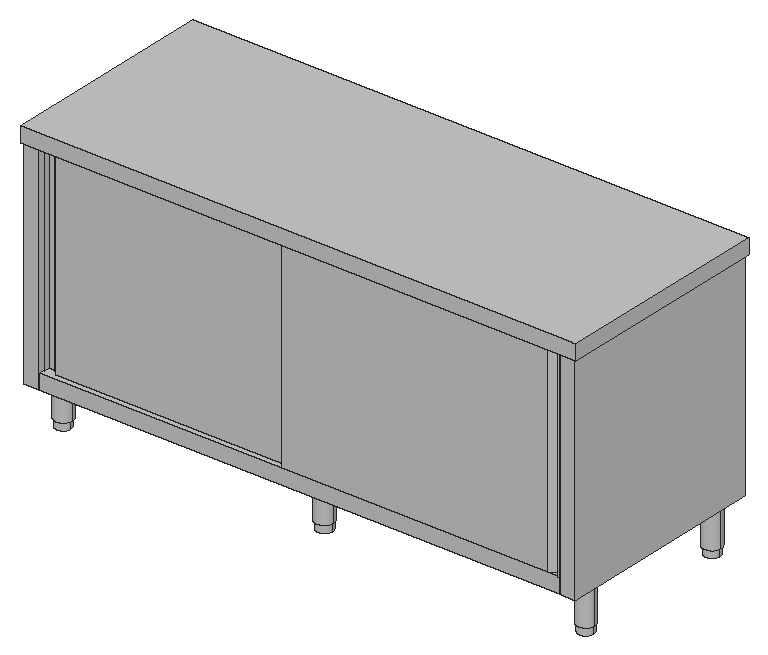
Revit family "QF_ELECTROLUXPROFESSIONAL_133077_TN1800EN", category Attrezzature speciali, Revit 2020
Family settings
  Quota connettore circolare = Usa diametro
  Tipo di parte = Normale
  Basato su piano di lavoro = No
  Sempre verticale = Sì
  Taglio con vuoti quando caricato = No
  Condiviso = No
  Punto di calcolo locali = No
Parameters (values of type "Standard")
  Weight = 70.00 kg
  Watts = 0 W
  Volts = 0 V
  URL Manufacturer = "https://www.electroluxprofessional.com/"
  URL = "https://www.electroluxprofessional.com/"
  Steam Supply Size = 0 mm
  Steam Supply Minimum Pressure = 0.0 Pa
  Steam Supply Maximum Pressure = 0.0 Pa
  Steam Consumption per Hour = 0
  Refrigeration Suction Line Size = 0.0 mm
  Refrigeration Liquid Line Size = 0.0 mm
  Refrigerant Compressor Remote = yes
  Prospetto di default = 0.0 mm
  Produttore = "Electrolux Professional"
  Phase = 0
  Modello = "TN1800EN"
  Length Actual = 1800.0 mm  # constant formula
  Item Number = "133077"
  Hot Water Size = 0 mm
  Height Actual = 900.0 mm  # constant formula
  HP = "0 HP"
  Gas Size = 0 mm
  Gas KW = 0
  Gas Input Pressure = 0 W
  Direct Waste Size = 0 mm
  Descrizione = "WORKTOP CUPBOARD 1800 MM"
  Depth Actual = 700.0 mm  # constant formula
  Cycle = 0 Hz
  Condensate Return Size = 0 mm
  Compressed Air Volume = 0.0 L/s
  Compressed Air Size = 0 mm
  Compressed Air Pressure = 0.0 Pa
  Cold Water Size = 0 mm
  Accessory = yes
Reference planes
  plane 1 "Center (Front/Back)": y = 0
  plane 2: z = 0
  plane 3 "Center (Left/Right)": x = -400
  plane 4 "LEFT": x = -1300
  plane 5 "RIGHT": x = 500
  plane 6 "BACK": y = 350
  plane 7 "FRONT": y = -350
  plane 8 "Base": z = 850
  plane 9 "TOP": z = 900
  plane 10: x = -1246.9
  plane 11: x = 446.9
  plane 12: y = 270
  plane 13: y = -241.9
  plane 14 "BodyLeft": x = -1294.5
  plane 15 "BodyFront": y = -344.5
  plane 16 "BodyRight": x = 494.5
  plane 17 "BodyBack": y = 344.5
  plane 18 "FEET": z = 150
  plane 19: x = -344.5
  plane 20: x = -455.5
Forms (mm)
  Extrusion 1, solid, material "QF_Finishes_Stainless Steel"
    sketch origin (-400, 0, 0) x (0, 1, 0) y (0, 0, 1)
      loop
        line (-350, 850) -> (350, 850) -> (350, 900) -> (-350, 900) -> (-350, 850)
    from 900 to -900
  Extrusion 2, solid, material "QF_Finishes_Stainless Steel"
    sketch origin (0, 0, 150) x (-1, 0, 0) y (0, -1, 0)
      loop
        line (1294.5, -344.5) -> (1294.5, 344.5) -> (1244.5, 344.5) -> (1244.5, -344.5) -> (1294.5, -344.5)
      loop
        line (-444.5, -344.5) -> (-444.5, 344.5) -> (-494.5, 344.5) -> (-494.5, -344.5) -> (-444.5, -344.5)
    from 0 to 700
  Extrusion 3, solid, material "QF_Finishes_Stainless Steel"
    sketch origin (0, 0, 150) x (-1, 0, 0) y (0, -1, 0)
      loop
        line (1243.585, -344.5) -> (1243.585, 344.5) -> (-444.5, 344.5) -> (-444.5, -344.5) -> (1243.585, -344.5)
    from 0 to 50
  Extrusion 4, solid, material "QF_Finishes_Stainless Steel"
    sketch origin (0, 0, 150) x (-1, 0, 0) y (0, -1, 0)
      loop
        line (1243.585, -344.5) -> (1243.585, -294.5) -> (-444.5, -294.5) -> (-444.5, -344.5) -> (1243.585, -344.5)
    from 50 to 700
  Extrusion 5, solid, material "QF_Finishes_Stainless Steel"
    sketch origin (0, 0, 150) x (-1, 0, 0) y (0, -1, 0)
      loop
        line (-444.5, 344.5) -> (-444.5, 324.5) -> (455.5, 324.5) -> (455.5, 344.5) -> (-404.5, 344.5) -> (-424.5, 329.5) -> (-439.5, 329.5) -> (-439.5, 344.5) -> (-444.5, 344.5)
    from 50 to 700
  Extrusion 6, solid, material "QF_Finishes_Stainless Steel"
    sketch origin (0, 20, 150) x (1, 0, 0) y (0, 1, 0)
      loop
        line (-1244.5, -344.5) -> (-1239.5, -344.5) -> (-1239.5, -329.5) -> (-1224.5, -329.5) -> (-1204.5, -344.5) -> (-344.5, -344.5) -> (-344.5, -324.5) -> (-1244.5, -324.5) -> (-1244.5, -344.5)
    from 50 to 700
Lines and regions (mm)
  symbolic lines
    curve 1: line (500, 350, 900) -> (-1300, 350, 900)
    curve 2: line (-1300, 350, 900) -> (-1300, -350, 900)
    curve 3: line (-1300, -350, 900) -> (500, -350, 900)
    curve 4: line (500, -350, 900) -> (500, 350, 900)
  symbolic lines, style "SpecialityEquipmentHiddenLines"
    curve 5: line (-1294.5, 344.5, 150) -> (494.5, 344.5, 150)
    curve 6: line (-1294.5, -344.5, 150) -> (-1294.5, 344.5, 150)
    curve 7: line (494.5, -344.5, 150) -> (-1294.5, -344.5, 150)
    curve 8: line (494.5, 344.5, 150) -> (494.5, -344.5, 150)
    curve 9: line (-1244.5, -304.5, 150) -> (-344.5, -304.5, 150)
    curve 10: line (-344.5, -304.5, 150) -> (-344.5, -324.5, 150)
    curve 11: line (-1244.5, -324.5, 150) -> (444.5, -324.5, 150)
    curve 12: line (444.5, -324.5, 150) -> (444.5, -344.5, 150)
    curve 13: line (-455.5, -324.5, 150) -> (-455.5, -344.5, 150)
    curve 14: line (-1244.5, -304.5, 150) -> (-1244.5, -324.5, 150)
Dimensions and locks
  plane 4 "LEFT" to plane 5 "RIGHT" = 1800.0 mm
  equal spacing: plane 4 "LEFT", plane 3 "Center (Left/Right)", plane 5 "RIGHT"
  locked: plane 8 "Base" to level at 850
  plane 9 "TOP" to level = 900.0 mm
  plane 6 "BACK" to plane 7 "FRONT" = 700.0 mm
  equal spacing: plane 6 "BACK", plane 1 "Center (Front/Back)", plane 7 "FRONT"
  locked: plane 4 "LEFT" to plane 14 "BodyLeft" at 5.5
  locked: plane 16 "BodyRight" to plane 5 "RIGHT" at 5.5
  locked: plane 15 "BodyFront" to plane 7 "FRONT" at 5.5
  locked: plane 6 "BACK" to plane 17 "BodyBack" at 5.5
  locked: plane 14 "BodyLeft" to plane 10 at 47.6
  locked: plane 11 to plane 16 "BodyRight" at 47.6
  locked: plane 13 to plane 15 "BodyFront" at 102.6
  locked: plane 17 "BodyBack" to plane 12 at 74.5
  plane 10 to plane 11 = 1693.8 mm
  plane 12 to plane 13 = 511.9 mm
  locked: plane 14 "BodyLeft" to Extrusion 2 sketch curve at 50
  locked: Extrusion 2 sketch curve to Extrusion 2 sketch curve at 50
  Extrusion 3 to Extrusion 4 sketch curve = 50.0 mm
  Extrusion 2 to plane 19 = 900.0 mm
  plane 20 to Extrusion 2 = 900.0 mm
  locked: plane 18 "FEET" to level at 150
  aligned and locked: level to plane 2
  aligned and locked: plane 10 to nested 1
  aligned and locked: nested 1 to plane 13
  aligned and locked: plane 11 to nested 2
  aligned and locked: nested 2 to plane 13
  aligned and locked: plane 11 to nested 4
  aligned and locked: nested 4 to plane 12
  aligned and locked: plane 10 to nested 3
  aligned and locked: nested 3 to plane 12
  aligned and locked: Extrusion 1 to plane 4 "LEFT"
  aligned and locked: plane 5 "RIGHT" to Extrusion 1
  aligned and locked: curve 2 to plane 4 "LEFT"
  aligned and locked: plane 17 "BodyBack" to Extrusion 2 sketch curve
  aligned and locked: Extrusion 2 sketch curve to plane 15 "BodyFront"
  aligned and locked: Extrusion 2 sketch curve to plane 14 "BodyLeft"
  aligned and locked: plane 16 "BodyRight" to Extrusion 2 sketch curve
  aligned and locked: Extrusion 2 sketch curve to plane 17 "BodyBack"
  aligned and locked: plane 15 "BodyFront" to Extrusion 2 sketch curve
  aligned and locked: Extrusion 3 sketch curve to plane 17 "BodyBack"
  aligned and locked: plane 15 "BodyFront" to Extrusion 3 sketch curve
  aligned and locked: plane 8 "Base" to Extrusion 2
  aligned and locked: Extrusion 4 sketch curve to Extrusion 3
  aligned and locked: plane 8 "Base" to Extrusion 5
  aligned and locked: Extrusion 5 to Extrusion 3
  aligned and locked: Extrusion 6 sketch curve to plane 19
  aligned and locked: Extrusion 5 sketch curve to plane 20
  aligned and locked: Extrusion 1 to plane 8 "Base"
  aligned and locked: plane 9 "TOP" to Extrusion 1
  aligned and locked: curve 5 to plane 17 "BodyBack"
  aligned and locked: plane 14 "BodyLeft" to curve 6
  aligned and locked: plane 15 "BodyFront" to curve 7
  aligned and locked: plane 16 "BodyRight" to curve 8
  aligned and locked: plane 3 "Center (Left/Right)" to nested 5
  aligned and locked: plane 3 "Center (Left/Right)" to nested 6
Automatic sketch dimensions
  curve 3 to plane 7 "FRONT" = 0.0 mm
  curve 4 to plane 6 "BACK" = 0.0 mm
  Extrusion 1 sketch curve to plane 7 "FRONT" = 0.0 mm
  plane 9 "TOP" to Extrusion 1 sketch curve = 0.0 mm
  Extrusion 1 sketch curve to plane 6 "BACK" = 0.0 mm
  Extrusion 1 sketch curve to plane 8 "Base" = 0.0 mm
  Extrusion 5 sketch curve to plane 15 "BodyFront" = 0.0 mm  (x2)
  Extrusion 5 sketch curve to plane 11 = 2.4 mm
  Extrusion 5 sketch curve to Extrusion 5 sketch curve = 5.0 mm
  Extrusion 5 sketch curve to Extrusion 5 sketch curve = 15.0 mm
  Extrusion 5 sketch curve to Extrusion 5 sketch curve = 20.0 mm
  plane 15 "BodyFront" to Extrusion 5 sketch curve = 15.0 mm
  plane 15 "BodyFront" to Extrusion 5 sketch curve = 20.0 mm
  Extrusion 6 sketch curve to plane 15 "BodyFront" = 20.0 mm  (x2)
  Extrusion 6 sketch curve to plane 10 = 2.4 mm
  Extrusion 6 sketch curve to Extrusion 6 sketch curve = 5.0 mm
  Extrusion 6 sketch curve to Extrusion 6 sketch curve = 15.0 mm
  Extrusion 6 sketch curve to Extrusion 6 sketch curve = 20.0 mm  (x2)
  Extrusion 6 sketch curve to plane 15 "BodyFront" = 35.0 mm
  Extrusion 3 sketch curve to plane 11 = 2.4 mm
  plane 10 to Extrusion 3 sketch curve = 3.315 mm
  Extrusion 4 sketch curve to plane 11 = 2.4 mm
  plane 10 to Extrusion 4 sketch curve = 3.315 mm
  curve 10 to plane 19 = 0.0 mm
  curve 13 to plane 20 = 0.0 mm
  curve 11 to plane 11 = 2.4 mm
  plane 15 "BodyFront" to curve 9 = 40.0 mm
  curve 12 to curve 12 = 20.0 mm
  plane 10 to curve 14 = 2.4 mm
  curve 4 to plane 5 "RIGHT" = 0.0 mm
Nested families
  nested 1: "FEET_D58-150" at (-1246.9, -241.9, 0), type "FEET_D58-150"
  nested 2: "FEET_D58-150" at (446.9, -241.9, 0), type "FEET_D58-150"
  nested 3: "FEET_D58-150" at (-1246.9, 270, 0), type "FEET_D58-150"
  nested 4: "FEET_D58-150" at (446.9, 270, 0), type "FEET_D58-150"
  nested 5: "FEET_D58-150" at (-400, -241.9, 0), type "FEET_D58-150"
  nested 6: "FEET_D58-150" at (-400, 270, 0), type "FEET_D58-150"
Definition of nested family "FEET_D58-150"
  Parameters
    Default Elevation = 0.0 mm
    FEET = 150.0 mm
  Reference planes
    plane 1 "Center (Front/Back)": y = 0
    plane 2: z = 0
    plane 3 "Center (Left/Right)": x = 0
    plane 4: z = 150
  Forms (mm)
    Extrusion 1, solid
      sketch origin (0, 0, 0) x (1, 0, 0) y (0, 1, 0)
        loop
          circle (0, 0) r 25
      from 0 to 25
    Extrusion 2, solid
      sketch origin (0, 0, 0) x (1, 0, 0) y (0, 1, 0)
        loop
          circle (0.061, 0) r 29
      from 25 to 150 <- "FEET"
  Lines and regions (mm)
    symbolic lines
      curve 1: line (0, -1.503, 0) -> (0, 1.508, 0)
      curve 2: line (1.561, 0, 0) -> (-1.439, 0, 0)
  Dimensions and locks
    "FEET": plane 4 to plane 2
    aligned and locked: level to plane 2
  Automatic sketch dimensions
    plane 1 "Center (Front/Back)" to Extrusion 1 sketch curve = 0.0 mm
    Extrusion 1 sketch curve to plane 3 "Center (Left/Right)" = 0.0 mm
    plane 1 "Center (Front/Back)" to curve 2 = 0.0 mm
    curve 1 to plane 3 "Center (Left/Right)" = 0.0 mm
    curve 2 to plane 3 "Center (Left/Right)" = 1.439 mm
    plane 3 "Center (Left/Right)" to curve 2 = 1.561 mm
    plane 1 "Center (Front/Back)" to curve 1 = 1.503 mm
    curve 1 to plane 1 "Center (Front/Back)" = 1.508 mm
    plane 1 "Center (Front/Back)" to Extrusion 2 sketch curve = 0.0 mm
    plane 3 "Center (Left/Right)" to Extrusion 2 sketch curve = 0.061 mm
    radius of Extrusion 1 sketch curve = 25.0 mm
    radius of Extrusion 2 sketch curve = 29.0 mm
